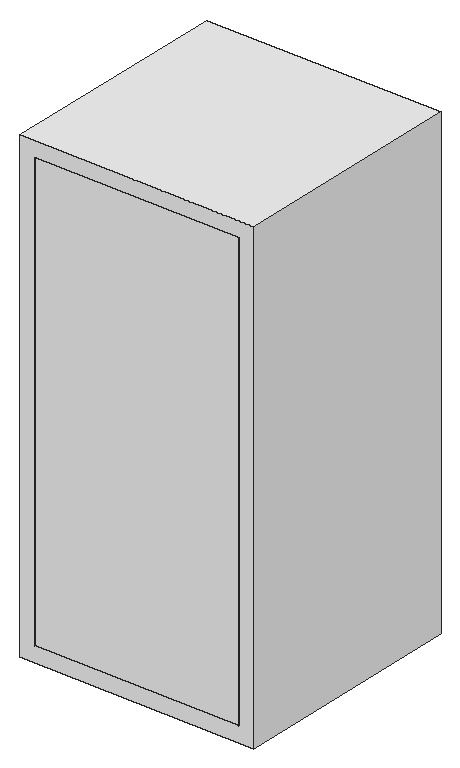
Revit family "M_Armário simples-Porta simples-Parede", category Componentes de gabinete, Revit 2019
Family settings
  Hospedeiro = Parede
  Número OmniClass = 23.40.35.17.47.11
  Título OmniClass = Kitchen Casework
  ID de item do Seek = Upper Cabinet-Single Door-Wall-0000-CAN-ENU
  Sempre na vertical = Sim
  Corte com vazios quando carregada = Não
  Compartilhado = Não
  Ponto de cálculo do ambiente = Não
Parameters (values of type "300mm")
  Material do armário = none
  Linear = 300 mm
  Material da porta/gaveta = none
  Material do puxador = Armários - Puxadores
  Altura = 600 mm
  Topo do armário = 2000 mm
  Width = 300 mm
Types (3, lengths in mm): name | Width
  (no name) | 300
  300mm | 300
  600mm | 600
Reference planes
  plane 1: y = 0
  plane 2 "Centro": x = 29.771
  plane 3 "Direita": x = 179.771
  plane 4 "Esquerda": x = -120.229
  plane 5: z = 1400
  plane 6: z = 2000
  plane 7 "Parte frontal": y = 376.2
  plane 8: y = 76.2
  plane 9: x = -88.479
  plane 10: z = 1700
Forms (mm)
  Extrusion 1, solid, material <- "Material do armário"
    sketch origin (0, 76.2, 0) x (1, 0, 0) y (0, 0, 1)
      loop
        line (179.771, 2000) -> (-120.229, 2000) -> (-120.229, 1400) -> (179.771, 1400) -> (179.771, 2000)
      loop
        line (160.721, 1980.95) -> (-101.179, 1980.95) -> (-101.179, 1419.05) -> (160.721, 1419.05) -> (160.721, 1980.95)
    from 0 to -300
  Extrusion 2, solid, material <- "Material do armário"
    sketch origin (0, 76.2, 0) x (1, 0, 0) y (0, 0, 1)
      loop
        line (160.721, 1980.95) -> (-101.179, 1980.95) -> (-101.179, 1419.05) -> (160.721, 1419.05) -> (160.721, 1980.95)
    from 0 to -19.05
  Extrusion 3, solid, material <- "Material da porta/gaveta"
    sketch origin (0, 376.2, 0) x (0, 0, 1) y (1, 0, 0)
      loop
        line (1980.95, 160.721) -> (1419.05, 160.721) -> (1419.05, -101.179) -> (1980.95, -101.179) -> (1980.95, 160.721)
    from 12.7 to -19.05
  Sweep 4, solid, material "Armários - Puxadores" <- "Material do puxador"
    path origin (-88.479, 0, 0) x (0, 1, 0) y (0, 0, 1)
      loop
        line (388.9, 1552.4) -> (401.6, 1552.4)
        arc (401.6, 1552.4) -> (410.58, 1548.68) -> (414.3, 1539.7) r 12.7
        line (414.3, 1539.7) -> (414.3, 1463.5)
        arc (414.3, 1463.5) -> (410.58, 1454.52) -> (401.6, 1450.8) r 12.7
        line (401.6, 1450.8) -> (388.9, 1450.8)
    profile origin (-88.479, 395.25, 0) x (0, 0, 1) y (1, 0, 0)
      loop
        circle (1552.4, 0) r 6.35
Lines and regions (mm)
  symbolic lines, style "Rep. da planta - Acima"
    curve 1: line (-120.229, 376.2, 0) -> (179.771, 376.2, 0)
    curve 2: line (-120.229, 76.2, 0) -> (-120.229, 376.2, 0)
    curve 3: line (179.771, 76.2, 0) -> (-120.229, 76.2, 0)
    curve 4: line (179.771, 376.2, 0) -> (179.771, 76.2, 0)
  symbolic lines, style "Giro da elevação"
    curve 5: line (-101.179, 0, 1980.95) -> (160.721, 0, 1700)
    curve 6: line (160.721, 0, 1700) -> (-101.179, 0, 1419.05)
Text (mm)
  text "Lado da colocação" at (0, 289.19, 3124.603), in view "Direita"
  text "Lado da colocação" at (-1402.204, 1439.683, 0), in view "Linha do piso"
  text "Lado da colocação" at (0, 714.322, 2932.998), in view "Esquerda"
Dimensions and locks
  equal spacing: plane 4 "Esquerda", plane 2 "Centro", plane 3 "Direita"
  "Width": plane 4 "Esquerda" to plane 3 "Direita"
  "Linear": plane 8 to plane 7 "Parte frontal"
  locked: plane 4 "Esquerda" to plane 9 at 31.75
  equal spacing: plane 5, plane 10, plane 6
  "Topo do armário": level to plane 6
  "Altura": plane 5 to plane 6
  aligned and locked: plane 8 to host wall
  aligned and locked: plane 7 "Parte frontal" to Extrusion 1
  aligned and locked: Extrusion 2 sketch curve to Extrusion 1  (x4)
Automatic sketch dimensions
  Extrusion 1 sketch curve to plane 4 "Esquerda" = 0 mm
  Extrusion 1 sketch curve to plane 3 "Direita" = 0 mm
  Extrusion 1 sketch curve to plane 5 = 0 mm
  Extrusion 1 sketch curve to plane 6 = 0 mm
  plane 4 "Esquerda" to Extrusion 1 sketch curve = 19.05 mm
  Extrusion 1 sketch curve to plane 3 "Direita" = 19.05 mm
  Extrusion 1 sketch curve to plane 5 = 19.05 mm
  plane 6 to Extrusion 1 sketch curve = 19.05 mm
  plane 4 "Esquerda" to Extrusion 3 sketch curve = 19.05 mm
  Extrusion 3 sketch curve to plane 5 = 19.05 mm
  plane 6 to Extrusion 3 sketch curve = 19.05 mm
  Extrusion 3 sketch curve to plane 3 "Direita" = 19.05 mm
  Sweep 4 sketch curve to plane 9 = 0 mm
  Sweep 4 sketch curve to profile plane = 0 mm
  profile plane to Sweep 4 sketch curve = 6.35 mm
  curve 3 to host wall = 0 mm
  curve 3 to plane 4 "Esquerda" = 0 mm
  curve 3 to plane 3 "Direita" = 0 mm
  curve 2 to plane 7 "Parte frontal" = 0 mm
  plane 7 "Parte frontal" to Sweep 4 sketch curve = 12.7 mm  (x2)
  Sweep 4 sketch curve to Sweep 4 sketch curve = 12.7 mm  (x3)
  Sweep 4 sketch curve to plane 5 = 50.8 mm
  Sweep 4 sketch curve to Sweep 4 sketch curve = 76.2 mm
  curve 6 to plane 10 = 0 mm
  plane 6 to curve 5 = 19.05 mm
  curve 6 to plane 5 = 19.05 mm
  curve 6 to plane 9 = 12.7 mm
  curve 5 to plane 9 = 12.7 mm
  curve 6 to plane 3 "Direita" = 19.05 mm
